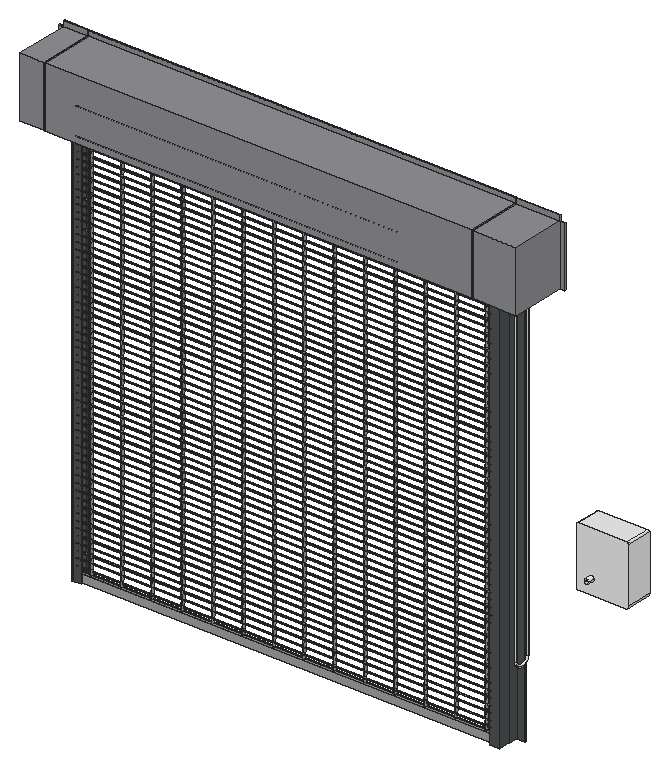
Revit family "RapidGrille-AP-Security-Grille_OHD_Model-676_compact", category Specialty Equipment, host Wall, Revit 2023
Family settings
  Host = Wall
  Round Connector Dimension = Use Diameter
  Part Type = Normal
  OmniClass Number = 23.30.10.21.34
  OmniClass Title = Industrial Doors
  Enable Cutting in Views = No
  Always vertical = Yes
  Cut with Voids When Loaded = Yes
  Maintain Annotation Orientation = No
  Shared = No
  Room Calculation Point = No
Parameters (values of type "208 volts, one phase, 60 Hz (208-240V range)")
  Warning Sign [instance] = if(Calculated Area > 683.00 SF, 1 = 1, 1 = 2)  # no
  Warning (Note) [instance] = if(Warning Sign, "The Door Area is out of the limit; please adjust accordingly. The maximum allowed area is 683 sq. ft.", if(Opening Height > 360", "Headroom Clearance Dimensions - out of the limits. Consult Factory", " "))  # " "
  Wall Thickness [instance] = 6"
  Voltage = 208 V
  Version = "1.00.01"  # constant formula
  True Opening Width [instance] = Clear Width  # 120"
  True Opening Height [instance] = Clear Height  # 120"
  Default Elevation = 0"
  Date Updated = "2026/05/29"  # constant formula
  Curtain Option [instance] = 1
  Slat Length [instance] = Clear Width + G Value * 2 - 1" / 2 * 2  # 126"
  Slat Height [instance] = 8"  # constant formula
  Curtain Option Real [instance] = if(Curtain Option < 2, 1, 2)  # 1
  Product Page URL = "https://www.overheaddoor.com/security-grilles-advanced-676"
  Power Factor = 1
  Powder Coat (Note) = "PowderGuard® Premium powder coat finish options are available in approximately 200 colors as well as custom matching to specification. PowderGuard® Textured finish, a thicker, more scratch resistant coat, is available in 11 colors providing enhanced scratch resistance as well as aiding in hiding the dirt and blemishes that often occur in commercial environments.​"  # constant formula
  Opening Width Real [instance] = if(Opening Width > Max Opening Width, Max Opening Width, if(Opening Width < Min Opening Width, Min Opening Width, Opening Width))  # 120"
  Opening Width [instance] = 120"
  Opening Height Real [instance] = if(Opening Height > Max Opening Height, Max Opening Height, if(Opening Height < Min Opening Height, Min Opening Height, Opening Height))  # 120"
  Opening Height [instance] = 120"
  One Array element [instance] = not(Array Vis)  # no
  Number of Poles = 1
  Motor Position [instance] = M Value - G Value  # 2 3/4"
  Min Opening Width [instance] = 18"  # constant formula
  Min Opening Height [instance] = 24"  # constant formula
  Max Opening Width [instance] = 360"  # constant formula
  Max Opening Height [instance] = 172"  # constant formula
  M Value [instance] = if(or(Opening Width < 108", Opening Width = 108"), 5 3/4", if(or(Opening Width < 180", Opening Width = 180"), 6 1/4", if(or(Opening Width < 240", Opening Width = 240"), 7 1/4", 9 1/4")))  # 6 1/4"
  Installation Real [instance] = Wall Thickness  # 6"
  Hood Type [instance] = "Square Hood"  # constant formula
  Hood Offset [instance] = 4"  # constant formula
  Hood Material [instance] = Metal - Overhead Door - Gray
  Hood Height [instance] = A Value + 2"  # 18"
  Headroom Height Real [instance] = Hood Offset + Hood Height  # 22"
  Headroom Height [instance] = Headroom Height Real + 1 1/2"  # 23 1/2"
  Guide Type [instance] = "Angled Z Guide"  # constant formula
  Guid Depth [instance] = D Value  # 6 1/4"
  G Value [instance] = if(or(Opening Width < 108", Opening Width = 108"), 3", if(or(Opening Width < 180", Opening Width = 180"), 3 1/2", if(or(Opening Width < 240", Opening Width = 240"), 4", 5 9/16")))  # 3 1/2"
  Frequency = 60 Hz
  Face of Wall Offset [instance] = 5"  # constant formula
  Door Width True [instance] = Clear Width + M Value * 2  # 132 1/2"
  Door Width (Real) [instance] = Clear Width + 1"  # 121"
  Door Height True [instance] = Clear Width + Headroom Height  # 143 1/2"
  Door Height (Real) [instance] = Clear Height + Hood Offset  # 124"
  URL = "https://www.overheaddoor.com/"
  Product data url = "https://www.bimobject.com/overhead-door/product/security-grilles-advanced-676"
  Product Guid = "a33dfc4d-fc3d-42de-912b-54ce0f982c7d"
  Model = "676"  # constant formula
  Manufacturer = "Overhead Door Corporation"  # constant formula
  Wall Closure = By host
  Floor To (CL) of Shaft [instance] = Clear Height + Hood Height / 2 + Hood Offset  # 133"
  Finish Material = Finish - Overhead Door - Black
  Description = "RapidGrille AP Model 676 Upward-Coiling Security Grille"  # constant formula
  D Value [instance] = if(or(Opening Width < 108", Opening Width = 108"), 5 11/16", if(or(Opening Width < 180", Opening Width = 180"), 6 1/4", if(or(Opening Width < 240", Opening Width = 240"), 6 3/16", 7 1/16")))  # 6 1/4"
  Curtain Type [instance] = if(Curtain Option < 2, "Lattice", "Brick")  # "Lattice"
  Curtain Material Type [instance] = 676 : Aluminum
  Curtain Material 1 [instance] = 676 : Aluminum
  Clear Width [instance] = Opening Width Real  # 120"
  Clear Height [instance] = Opening Height Real  # 120"
  Current = 20 A
  Bottom Bar Selection [instance] = if(Curtain Material Type = Curtain Material 1, 1, 2)  # 1
  BimObject_Variable_Connectors = "No"  # constant formula
  Backroom Depth [instance] = A Value + 1/2"  # 16 1/2"
  BJ Displacement Real [instance] = 0"  # constant formula
  Array Vis [instance] = if(Array < 2, 1 = 2, 1 = 1)  # yes
  Array Real [instance] = if(Array < 2, 2, Array)  # 16
  Array Length [instance] = (Array) * Slat Height  # 128"
  Array [instance] = rounddown(([Door Height (Real)] - 3") / Slat Height) + 1  # 16
  Calculated Area [instance] = [Door Width (Real)] * [Door Height (Real)]  # 104.194 SF
  Apparent Load Phase 3 = if(Number of Poles = 1, 0 VA, (Voltage * Current * sqrt(3)) / 3)  # 0 VA
  Apparent Load Phase 2 = if(Number of Poles = 1, 0 VA, (Voltage * Current * sqrt(3)) / 3)  # 0 VA
  Apparent Load Phase 1 = if(Number of Poles = 1, Voltage * Current, (Voltage * Current * sqrt(3)) / 3)  # 4160 VA
  A Value [instance] = if(or(Clear Height < 72", Clear Height = 72"), 14", if(or(Clear Height < 120", Clear Height = 120"), 16", 18"))  # 16"
Types (6): name | Voltage | Number of Poles | Apparent Load Phase 3 | Apparent Load Phase 2 | Apparent Load Phase 1
  208 volts, one phase, 60 Hz (208-240V range) | 208 V | 1 | 0 VA | 0 VA | 4160 VA
  220 volts, one phase, 60 Hz (220-240V range) | 220 V | 1 | 0 VA | 0 VA | 4400 VA
  208 volts, three phase, 60 Hz (208-240V range) | 208 V | 3 | 2401.78 VA | 2401.78 VA | 2401.78 VA
  230 volts, three phase, 60 Hz (220-240V range) | 230 V | 3 | 2655.81 VA | 2655.81 VA | 2655.81 VA
  460 volts, three phase, 60 Hz (440-480 V range) | 460 V | 3 | 5311.62 VA | 5311.62 VA | 5311.62 VA
  575 volts, three phase, 60 Hz | 575 V | 3 | 6639.53 VA | 6639.53 VA | 6639.53 VA
Reference planes (in)
  plane 1 "Center (Front/Back)": y = -14.625
  plane 2 "Center (Left/Right)": x = 0
  plane 3 "Left": x = -60
  plane 4 "Right": x = 60
  plane 5 "Exterior": y = -8.625
  plane 6 "Interior": y = -14.625
  plane 7: x = 66.25
  plane 8: x = -66.25
  plane 9: z = 120
  plane 10 "Main": y = -20.125
  plane 11 "Backroom Depth": y = -32.125
  plane 12 "Main Door Block": y = -15.625
  plane 13 "Bottom Bar": z = 2.75
  plane 14: y = -20.875
  plane 15: z = 130.75
  plane 16: z = 142
  plane 17: z = 124
  plane 18: z = 143.5
  plane 19: z = 0
  plane 20: z = 60
  plane 21: y = -20.03125
  plane 22: y = 18.375
  plane 23: y = -41.625
  plane 24 "Headroom Top": z = 143.5
  plane 25: z = 133
  plane 26: x = 63.5
  plane 27: x = -63.5
  plane 28: z = 122.75
  plane 29: z = 2.75
  plane 30: y = -20.125
  plane 31: z = 122.75
  plane 32: y = -20.125
  plane 33: z = 10.75
  plane 34: y = -20.125
  plane 35: z = 18.75
  plane 36: y = -20.125
  plane 37: z = 26.75
  plane 38: y = -20.125
  plane 39: z = 34.75
  plane 40: y = -20.125
  plane 41: z = 42.75
  plane 42: y = -20.125
  plane 43: z = 50.75
  plane 44: y = -20.125
  plane 45: z = 58.75
  plane 46: y = -20.125
  plane 47: z = 66.75
  plane 48: y = -20.125
  plane 49: z = 74.75
  plane 50: y = -20.125
  plane 51: z = 82.75
  plane 52: y = -20.125
  plane 53: z = 90.75
  plane 54: y = -20.125
  plane 55: z = 98.75
  plane 56: y = -20.125
  plane 57: z = 106.75
  plane 58: y = -20.125
  plane 59: z = 114.75
  plane 60: y = -20.125
Forms (in)
  Extrusion 1, void
    sketch origin (0, -15.625, 0) x (0, 0, -1) y (-1, 0, 0)
      loop
        line (-120, 60) -> (-120, -60) -> (0, -60) -> (0, 60) -> (-120, 60)
    from 1 to 7
Text (in)
  text "Exterior" at (-74.96733, 27.31104, 0), in view "Ref. Level"
  text "Interior" at (-74.96733, -25.14366, 0), in view "Ref. Level"
  text "Exterior" at (0, 40.15149, 123.01588), in view "Right"
  text "Interior" at (0, -64.39139, 123.01588), in view "Right"
  text "Interior" at (0, -31.01599, 123.00693), in view "Left"
  text "Exterior" at (0, 54.57065, 123.00693), in view "Left"
Dimensions and locks (in)
  equal spacing: plane 3 "Left", plane 2 "Center (Left/Right)", plane 4 "Right"
  "Clear Width": plane 3 "Left" to plane 4 "Right"
  level to host wall = 459.59655"
  "Clear Height": level to plane 9
  plane 7 to plane 8 = 132 1/2"
  equal spacing: plane 7, plane 2 "Center (Left/Right)", plane 8
  locked: plane 13 "Bottom Bar" to level at 2.75
  "Door Width True": plane 7 to plane 8
  "Array Length": plane 15 to plane 13 "Bottom Bar"
  "Backroom Depth": plane 11 "Backroom Depth" to plane 12 "Main Door Block"
  "Hood Height": plane 16 to plane 17
  locked: plane 18 to plane 16 at 1.5
  "Installation Real": plane 1 "Center (Front/Back)" to plane 5 "Exterior"
  "Wall Thickness": host wall to host wall
  equal spacing: plane 9, plane 20, plane 19
  equal spacing: plane 22, host wall, plane 23
  locked: plane 22 to plane 23 at 60
  "Hood Offset": plane 17 to plane 9
  "Headroom Height": plane 24 "Headroom Top" to plane 9
  "Floor To (CL) of Shaft": plane 25 to level
  "Motor Position": plane 7 to plane 26
  "Motor Position": plane 27 to plane 8
  "Guid Depth": plane 14 to plane 1 "Center (Front/Back)"
  "Slat Height": plane 15 to plane 28
  equal spacing: group 2, group 16, group 15, group 14, group 13, group 12, group 11, group 10, group 9, group 8, group 7, group 6, group 5, group 4, group 3, group 1  (x2)
  equal spacing: group 1, group 3, group 4, group 5, group 6, group 7, group 8, group 9, group 10, group 11, group 12, group 13, group 14, group 15, group 16, group 2
  locked: plane 14 to plane 10 "Main" at 0.75
  locked: plane 14 to plane 21 at 0.84375
  aligned and locked: plane 5 "Exterior" to host wall
  aligned and locked: host wall to plane 6 "Interior"
  aligned and locked: level to Extrusion 1 sketch curve
  aligned and locked: Extrusion 1 to plane 5 "Exterior"
  aligned and locked: plane 6 "Interior" to Extrusion 1
  aligned and locked: nested 1 to plane 2 "Center (Left/Right)"
  aligned and locked: nested 1 to level
  aligned and locked: level to plane 19
  aligned and locked: nested 1 to plane 1 "Center (Front/Back)"
  aligned and locked: plane 2 "Center (Left/Right)" to nested 2
  aligned and locked: nested 2 to plane 22
  aligned and locked: plane 23 to nested 3
  aligned and locked: nested 3 to plane 2 "Center (Left/Right)"
  aligned and locked: nested 4 to plane 20
  aligned and locked: plane 2 "Center (Left/Right)" to nested 4
  aligned and locked: nested 4 to plane 21
  aligned and locked: plane 4 "Right" to Extrusion 1 sketch curve
  aligned and locked: plane 3 "Left" to Extrusion 1 sketch curve
  aligned and locked: Extrusion 1 sketch curve to plane 9
  aligned and locked: plane 13 "Bottom Bar" to plane 29
  aligned and locked: plane 30 to plane 10 "Main"
  aligned and locked: plane 32 to plane 10 "Main"
  aligned and locked: plane 28 to plane 31
Nested families (in)
  nested 1: "Lifts" at (0, -14.625, 0), type "Frame Unit"
    with Square Hood yes, Round Hood no, Right Motor Position yes, Octagon Hood no, No Hood no
  nested 2: "Label Annotation 1" at (0, 18.375, 0), visible <- "Warning Sign", type "Label Annotation 1"
  nested 3: "Label Annotation 1" at (0, -41.625, 0) x (-1, 0, 0) z (0, 0, 1), visible <- "Warning Sign", type "Label Annotation 1"
  nested 4: "Warning Sign" at (0, -20.03125, 60), visible <- "Warning Sign", type "Warning Sign"
    with Warning Sign no
  nested 5: "676" at (0, -20.125, 2.75), type <- "Curtain Material Type", Opening Width <- "Slat Length", Slat Option <- "Curtain Option Real", type "Aluminum"
    with Step H 9", Slat Option 1, SetBack 2", Second Rod Position 1.38", Overall Height 8.38", Opening Width 126", Lattice yes, First Rod Position 1", Brick End yes, Brick no, Array Visibility yes, Array Real 13, Array Length 117.16", Array 13, 1 Element Visibility no
  nested 6: "676" at (0, -20.125, 122.75), type <- "Curtain Material Type", Opening Width <- "Slat Length", Slat Option <- "Curtain Option Real", type "Aluminum"
    with Step H 9", Slat Option 1, SetBack 2", Second Rod Position 1.38", Overall Height 8.38", Opening Width 126", Lattice yes, First Rod Position 1", Brick End yes, Brick no, Array Visibility yes, Array Real 13, Array Length 117.16", Array 13, 1 Element Visibility no
  nested 7: "676" at (0, -20.125, 10.75), type <- "Curtain Material Type", Opening Width <- "Slat Length", Slat Option <- "Curtain Option Real", type "Aluminum"
    with Step H 9", Slat Option 1, SetBack 2", Second Rod Position 1.38", Overall Height 8.38", Opening Width 126", Lattice yes, First Rod Position 1", Brick End yes, Brick no, Array Visibility yes, Array Real 13, Array Length 117.16", Array 13, 1 Element Visibility no
  nested 8: "676" at (0, -20.125, 18.75), type <- "Curtain Material Type", Opening Width <- "Slat Length", Slat Option <- "Curtain Option Real", type "Aluminum"
    with Step H 9", Slat Option 1, SetBack 2", Second Rod Position 1.38", Overall Height 8.38", Opening Width 126", Lattice yes, First Rod Position 1", Brick End yes, Brick no, Array Visibility yes, Array Real 13, Array Length 117.16", Array 13, 1 Element Visibility no
  nested 9: "676" at (0, -20.125, 26.75), type <- "Curtain Material Type", Opening Width <- "Slat Length", Slat Option <- "Curtain Option Real", type "Aluminum"
    with Step H 9", Slat Option 1, SetBack 2", Second Rod Position 1.38", Overall Height 8.38", Opening Width 126", Lattice yes, First Rod Position 1", Brick End yes, Brick no, Array Visibility yes, Array Real 13, Array Length 117.16", Array 13, 1 Element Visibility no
  nested 10: "676" at (0, -20.125, 34.75), type <- "Curtain Material Type", Opening Width <- "Slat Length", Slat Option <- "Curtain Option Real", type "Aluminum"
    with Step H 9", Slat Option 1, SetBack 2", Second Rod Position 1.38", Overall Height 8.38", Opening Width 126", Lattice yes, First Rod Position 1", Brick End yes, Brick no, Array Visibility yes, Array Real 13, Array Length 117.16", Array 13, 1 Element Visibility no
  nested 11: "676" at (0, -20.125, 42.75), type <- "Curtain Material Type", Opening Width <- "Slat Length", Slat Option <- "Curtain Option Real", type "Aluminum"
    with Step H 9", Slat Option 1, SetBack 2", Second Rod Position 1.38", Overall Height 8.38", Opening Width 126", Lattice yes, First Rod Position 1", Brick End yes, Brick no, Array Visibility yes, Array Real 13, Array Length 117.16", Array 13, 1 Element Visibility no
  nested 12: "676" at (0, -20.125, 50.75), type <- "Curtain Material Type", Opening Width <- "Slat Length", Slat Option <- "Curtain Option Real", type "Aluminum"
    with Step H 9", Slat Option 1, SetBack 2", Second Rod Position 1.38", Overall Height 8.38", Opening Width 126", Lattice yes, First Rod Position 1", Brick End yes, Brick no, Array Visibility yes, Array Real 13, Array Length 117.16", Array 13, 1 Element Visibility no
  nested 13: "676" at (0, -20.125, 58.75), type <- "Curtain Material Type", Opening Width <- "Slat Length", Slat Option <- "Curtain Option Real", type "Aluminum"
    with Step H 9", Slat Option 1, SetBack 2", Second Rod Position 1.38", Overall Height 8.38", Opening Width 126", Lattice yes, First Rod Position 1", Brick End yes, Brick no, Array Visibility yes, Array Real 13, Array Length 117.16", Array 13, 1 Element Visibility no
  nested 14: "676" at (0, -20.125, 66.75), type <- "Curtain Material Type", Opening Width <- "Slat Length", Slat Option <- "Curtain Option Real", type "Aluminum"
    with Step H 9", Slat Option 1, SetBack 2", Second Rod Position 1.38", Overall Height 8.38", Opening Width 126", Lattice yes, First Rod Position 1", Brick End yes, Brick no, Array Visibility yes, Array Real 13, Array Length 117.16", Array 13, 1 Element Visibility no
  nested 15: "676" at (0, -20.125, 74.75), type <- "Curtain Material Type", Opening Width <- "Slat Length", Slat Option <- "Curtain Option Real", type "Aluminum"
    with Step H 9", Slat Option 1, SetBack 2", Second Rod Position 1.38", Overall Height 8.38", Opening Width 126", Lattice yes, First Rod Position 1", Brick End yes, Brick no, Array Visibility yes, Array Real 13, Array Length 117.16", Array 13, 1 Element Visibility no
  nested 16: "676" at (0, -20.125, 82.75), type <- "Curtain Material Type", Opening Width <- "Slat Length", Slat Option <- "Curtain Option Real", type "Aluminum"
    with Step H 9", Slat Option 1, SetBack 2", Second Rod Position 1.38", Overall Height 8.38", Opening Width 126", Lattice yes, First Rod Position 1", Brick End yes, Brick no, Array Visibility yes, Array Real 13, Array Length 117.16", Array 13, 1 Element Visibility no
  nested 17: "676" at (0, -20.125, 90.75), type <- "Curtain Material Type", Opening Width <- "Slat Length", Slat Option <- "Curtain Option Real", type "Aluminum"
    with Step H 9", Slat Option 1, SetBack 2", Second Rod Position 1.38", Overall Height 8.38", Opening Width 126", Lattice yes, First Rod Position 1", Brick End yes, Brick no, Array Visibility yes, Array Real 13, Array Length 117.16", Array 13, 1 Element Visibility no
  nested 18: "676" at (0, -20.125, 98.75), type <- "Curtain Material Type", Opening Width <- "Slat Length", Slat Option <- "Curtain Option Real", type "Aluminum"
    with Step H 9", Slat Option 1, SetBack 2", Second Rod Position 1.38", Overall Height 8.38", Opening Width 126", Lattice yes, First Rod Position 1", Brick End yes, Brick no, Array Visibility yes, Array Real 13, Array Length 117.16", Array 13, 1 Element Visibility no
  nested 19: "676" at (0, -20.125, 106.75), type <- "Curtain Material Type", Opening Width <- "Slat Length", Slat Option <- "Curtain Option Real", type "Aluminum"
    with Step H 9", Slat Option 1, SetBack 2", Second Rod Position 1.38", Overall Height 8.38", Opening Width 126", Lattice yes, First Rod Position 1", Brick End yes, Brick no, Array Visibility yes, Array Real 13, Array Length 117.16", Array 13, 1 Element Visibility no
  nested 20: "676" at (0, -20.125, 114.75), type <- "Curtain Material Type", Opening Width <- "Slat Length", Slat Option <- "Curtain Option Real", type "Aluminum"
    with Step H 9", Slat Option 1, SetBack 2", Second Rod Position 1.38", Overall Height 8.38", Opening Width 126", Lattice yes, First Rod Position 1", Brick End yes, Brick no, Array Visibility yes, Array Real 13, Array Length 117.16", Array 13, 1 Element Visibility no
Connectors (in)
  electrical at (94.92963, -22.165, 60.07037), driven by "Voltage", driven by "Apparent Load Phase 1", driven by "Apparent Load Phase 2", driven by "Apparent Load Phase 3", driven by "Power Factor", driven by "Number of Poles"
    settings: on nested 1, index 1, voltage 208 V, apparent load 0 VA, apparent load phase1 4160 VA, apparent load phase2 0 VA, apparent load phase3 0 VA, power factor 1, load classification "Other", number of poles 1, system type 31, power factor state 1, is connector primary yes, connector utility no, sub classification motor no, connector description "Electrical Connector"
Definition of nested family "Lifts"
  Parameters (values of type "Frame Unit")
    True Width = if(Between Jambs, Opening Width, Opening Width + 1/2")  # 120 1/2"
    Square Hood [instance] = if(Hood Option = 2, 1 = 1, 1 = 2)  # yes
    Slat Material2 = none
    Slat Material1 = none
    Slat 2 = not(Slat 1)  # no
    Slat 1 = BB V = 1  # yes
    Round Hood [instance] = if(Hood Option > 3, 1 = 1, 1 = 2)  # no
    Rough Width = 0"
    Rough Height = 0"
    Right Motor Position [instance] = yes
    Octagon Hood [instance] = if(Hood Option = 3, 1 = 1, 1 = 2)  # no
    No Hood [instance] = if(Hood Option < 2, 1 = 1, 1 = 2)  # no
    M Value = 6 1/4"
    Hood Type = if(Hood Option < 2, "No Hood", if(Hood Option = 2, "Square Hood", if(Hood Option = 3, "Octagon Hood", "Round Hood")))  # "Square Hood"
    Hood Option = 2
    Hood Offset = 4"
    Hood Height = Headroom Height Real - Hood Offset  # 18"
    Headroom Height Real = Headroom Height  # 22"
    Half Hood Height = Headroom Height - Hood Offset  # 18"
    G Value = 3 1/2"
    E Guide Width = if(Between Jambs, Guide Offset - G Value + BJ Connection Length - BJ Displacement * 2 / 3, 3")  # 3"
    E Guide Height = 3"  # constant formula
    Z Guide = 1 = 1  # yes
    Shaft Offset = if(Hood Height < Header Width, (Header Width - (Header Width - Hood Height)) / 2, Header Width / 2)  # 8 1/4"
    Shaft Length 2 = 18"  # constant formula
    Shaft Length 1 = 12"  # constant formula
    Setback = if(Between Jambs, 0", 1/2")  # 1/2"
    Opening Width = 120"
    Hood Material = none
    Headroom Height = 22"
    Header Width = 16 1/2"
    Opening Height = 120"
    Guide Type = if(Between Jambs, "Angled Between Jambs Z Guide", if(Guide Option > 1, "Angled Z Guide", "Angled E Guide"))  # "Angled Z Guide"
    Guide Option = if(Between Jambs, 1, 2)  # 2
    Guide Offset = BJ Displacement + G Value  # 3 1/2"
    Guide Z Wide = if(Between Jambs, Guide Offset - G Value + BJ Connection Length - BJ Displacement * 2 / 3, M Value - G Value)  # 2 3/4"
    Guide Z Height = 3"  # constant formula
    Floor To (CL) of Shaft = 133"
    Finish Material = none
    Face to Wall Mount = not(Between Jambs)  # yes
    E Guide = if(Between Jambs, 1 = 1, 1 = 2)  # no
    Default Elevation = 0"
    D Value = 6 1/4"
    Chain offset = if(Opening Height < 35", Opening Height - 5", 30")  # 30"
    Between Jambs = no
    BJ Position = if(Between Jambs, 1/4", 0")  # 0"
    BJ Displacement = 0"
    BJ Connection Length = 1 / 3 * BJ Displacement  # 0"
    BB V = 1
    Angled Guide = 1 = 1  # yes
    Aditional Elements Material = none
    1 = 15 1/2"  # constant formula
  Reference planes (in)
    plane 1 "Center (Front/Back)": y = 0
    plane 2: z = 0
    plane 3 "Center (Left/Right)": x = 0
    plane 4 "Opening Height": z = 120
    plane 5: x = -72
    plane 6: x = 78
    plane 7: z = 142
    plane 8: y = 16.5
    plane 9 "Real Opening 2": x = -60
    plane 10 "Real Opening 1": x = 60
    plane 11: z = 124
    plane 12 "Main": y = 0
    plane 13: z = 133
    plane 14: x = 63.5
    plane 15: x = -63.5
    plane 16: x = -63.5
    plane 17: x = 63.5
    plane 18: y = 6.25
    plane 19: x = -63.25
    plane 20: x = 63.25
    plane 21: z = 143.5
    plane 22: y = 6.25
    plane 23: y = 5.125
    plane 24: y = 6.25
    plane 25: y = 5.125
    plane 26: y = 0.25
    plane 27: z = 124
    plane 28: z = 30
    plane 29: z = 0
    plane 30: x = 74
    plane 31: x = 95
    plane 32: z = 60
    plane 33: y = 7.54
    plane 34: x = 76.25
    plane 35: x = -70.25
    plane 36: y = 6.25
    plane 37: y = 5.125
    plane 38: y = 6.25
    plane 39: y = 5.125
  Forms (in)
    Extrusion 1, solid, material <- "Slat Material1", visible <- "Slat 1"
      sketch origin (0, 0, 0) x (0, 1, 0) y (0, 0, 1)
        loop
          line (5.4375, 2.375) -> (5.4375, 2.75) -> (4.8125, 2.75) -> (4.8125, 2.375) -> (5.4375, 2.375)
      from -63.25 to 63.25
    Extrusion 2, solid, material <- "Slat Material1", visible <- "Slat 1"
      sketch origin (0, 0, 0) x (0, 1, 0) y (0, 0, 1)
        loop
          line (5.4375, 2.375) -> (4.8125, 2.375) -> (4.8125, 0) -> (5.4375, 0) -> (5.4375, 2.375)
      from -63.25 to 63.25
    Extrusion 3, solid, material <- "Aditional Elements Material"
      sketch origin (0, -5.35201, 0) x (0, 1, 0) y (0, 0, 1)
        loop
          circle (13.60201, 133) r 0.6
      from -70.25 to 76.25
    Extrusion 4, solid, material <- "Hood Material", visible <- "Square Hood"
      sketch origin (0, 0, 0) x (0, 1, 0) y (0, 0, 1)
        loop
          line (0, 124) -> (16.5, 124) -> (16.5, 143.5) -> (0, 143.5) -> (0, 124)
      from -63.25 to 63.25
    Extrusion 5, solid, material <- "Finish Material", visible <- "E Guide"
      sketch origin (0, 0, 0) x (1, 0, 0) y (0, 1, 0)
        loop
          line (60.5, 0) -> (63.5, 0) -> (63.5, 3) -> (63.4375, 3)
          arc (63.4375, 3) -> (63.30492, 2.94508) -> (63.25, 2.8125) r 0.1875
          line (63.25, 2.8125) -> (63.25, 0.25) -> (60.6875, 0.25)
          arc (60.6875, 0.25) -> (60.55492, 0.19508) -> (60.5, 0.0625) r 0.1875
          line (60.5, 0.0625) -> (60.5, 0)
        loop
          line (-60.5, 0) -> (-60.5, 0.0625)
          arc (-60.5, 0.0625) -> (-60.55492, 0.19508) -> (-60.6875, 0.25) r 0.1875
          line (-60.6875, 0.25) -> (-63.25, 0.25) -> (-63.25, 2.8125)
          arc (-63.25, 2.8125) -> (-63.30492, 2.94508) -> (-63.4375, 3) r 0.1875
          line (-63.4375, 3) -> (-63.5, 3) -> (-63.5, 0) -> (-60.5, 0)
      from 0 to 124
    Extrusion 6, solid, material <- "Finish Material", visible <- "Z Guide"
      sketch origin (0, 0, 0) x (1, 0, 0) y (0, 1, 0)
        loop
          line (66.25, 0) -> (66.25, 0.062)
          arc (66.25, 0.062) -> (66.19494, 0.19494) -> (66.062, 0.25) r 0.188
          line (66.062, 0.25) -> (63.75, 0.25) -> (63.75, 2.812)
          arc (63.75, 2.812) -> (63.69494, 2.94494) -> (63.562, 3) r 0.188
          line (63.562, 3) -> (63.5, 3) -> (63.5, 0) -> (66.25, 0)
        loop
          line (-66.25, 0) -> (-63.5, 0) -> (-63.5, 3) -> (-63.562, 3)
          arc (-63.562, 3) -> (-63.69494, 2.94494) -> (-63.75, 2.812) r 0.188
          line (-63.75, 2.812) -> (-63.75, 0.25) -> (-66.062, 0.25)
          arc (-66.062, 0.25) -> (-66.19494, 0.19494) -> (-66.25, 0.062) r 0.188
          line (-66.25, 0.062) -> (-66.25, 0)
      from 0 to 124
    Extrusion 7, solid, material <- "Finish Material", visible <- "Angled Guide"
      sketch origin (0, 0, 0) x (1, 0, 0) y (0, 1, 0)
        loop
          line (60.5, 6.25) -> (60.5, 6.187)
          arc (60.5, 6.187) -> (60.55477, 6.05477) -> (60.687, 6) r 0.187
          line (60.687, 6) -> (63.25, 6) -> (63.25, 4.25) -> (60.5, 4.25) -> (60.5, 4.187)
          arc (60.5, 4.187) -> (60.55477, 4.05477) -> (60.687, 4) r 0.187
          line (60.687, 4) -> (63, 4) -> (63, 2.3125) -> (63.25, 2.3125) -> (63.25, 2) -> (63.5, 2) -> (63.5, 6.25) -> (60.5, 6.25)
        loop
          line (-60.5, 6.25) -> (-63.5, 6.25) -> (-63.5, 2) -> (-63.25, 2) -> (-63.25, 2.3125) -> (-63, 2.3125) -> (-63, 4) -> (-60.687, 4)
          arc (-60.687, 4) -> (-60.55477, 4.05477) -> (-60.5, 4.187) r 0.187
          line (-60.5, 4.187) -> (-60.5, 4.25) -> (-63.25, 4.25) -> (-63.25, 6) -> (-60.687, 6)
          arc (-60.687, 6) -> (-60.55477, 6.05477) -> (-60.5, 6.187) r 0.187
          line (-60.5, 6.187) -> (-60.5, 6.25)
      from 0 to 124
    Extrusion 8, solid, material <- "Hood Material"
      sketch origin (0, 0, 0) x (-1, 0, 0) y (0, 0, 1)
        loop
          line (63.25, 124) -> (63.5, 124) -> (63.5, 142) -> (63.25, 142) -> (63.25, 124)
        loop
          line (-63.5, 124) -> (-63.25, 124) -> (-63.25, 142) -> (-63.5, 142) -> (-63.5, 124)
      from 0 to 16.5
    Extrusion 9, solid, material <- "Hood Material"
      sketch origin (0, 0, 0) x (1, 0, 0) y (0, 1, 0)
        loop
          line (-72, 0) -> (-63.5, 0) -> (-63.5, 16.5) -> (-72, 16.5) -> (-72, 0)
        loop
          line (78, 0) -> (78, 16.5) -> (63.5, 16.5) -> (63.5, 0) -> (78, 0)
      from 124 to 143.5
    Extrusion 10, void
      sketch origin (0, 0, 0) x (1, 0, 0) y (0, 0, 1)
        loop
          line (-72, 143.5) -> (-72, 124) -> (-70.5, 124) -> (-70.5, 142) -> (76.5, 142) -> (76.5, 120) -> (78, 120) -> (78, 143.5) -> (-72, 143.5)
      from -0.25 to -16.5
    Extrusion 11, void
      sketch origin (0, 0, 0) x (1, 0, 0) y (0, 0, 1)
        loop
          line (-72, 142) -> (-70.5, 142) -> (-70.5, 143.5) -> (-72, 143.5) -> (-72, 142)
        loop
          line (78, 142) -> (78, 143.5) -> (76.5, 143.5) -> (76.5, 142) -> (78, 142)
      from 0 to -0.25
    Sweep 12, solid, material <- "Aditional Elements Material"
      path origin (74, -12.75, 1000) x (0, -1, 0) y (0, 0, 1)
        loop
          line (-26.53866, -876) -> (-26.53866, -970)
          arc (-26.53866, -970) -> (-24.10116, -972.4375) -> (-21.66366, -970) r 2.4375
          line (-21.66366, -970) -> (-21.66366, -876)
      profile origin (74, 13.78866, 77) x (-1, 0, 0) y (0, -1, 0)
        loop
          circle (0, 0.2675) r 0.2675
    Extrusion 13, solid, material <- "Aditional Elements Material"
      sketch origin (95, 0, 60) x (1, 0, 0) y (0, 0, 1)
        loop
          line (7.25, 8.90625) -> (-7.25, 8.90625)
          arc (-7.25, 8.90625) -> (-7.60355, 8.7598) -> (-7.75, 8.40625) r 0.5
          line (-7.75, 8.40625) -> (-7.75, -8.40625)
          arc (-7.75, -8.40625) -> (-7.60355, -8.7598) -> (-7.25, -8.90625) r 0.5
          line (-7.25, -8.90625) -> (6.68702, -8.90625)
          arc (6.68702, -8.90625) -> (7.43866, -8.59491) -> (7.75, -7.84327) r 1.06298
          line (7.75, -7.84327) -> (7.75, 8.40625)
          arc (7.75, 8.40625) -> (7.60355, 8.7598) -> (7.25, 8.90625) r 0.5
      from 0 to -7.54
    Revolve 14, solid, material <- "Aditional Elements Material", visible <- "Right Motor Position"
      sketch origin (95, 0, 55.5) x (0, -1, 0) y (1, 0, 0)
        loop
          line (-7.54, -3.41542) -> (-7.54, -2.66542) -> (-9.312, -2.81542) -> (-9.312, -3.41542) -> (-7.54, -3.41542)
        axis (-7.54, -3.41542) -> (-9.312, -3.41542)
      angle from 0 to 360
    Extrusion 15, solid, material <- "Slat Material2", visible <- "Slat 2"
      sketch origin (0, 6.25, 0) x (0, 1, 0) y (0, 0, 1)
        loop
          line (-0.8125, 2.375) -> (-0.8125, 2.75) -> (-1.4375, 2.75) -> (-1.4375, 2.375) -> (-0.8125, 2.375)
      from -63.25 to 63.25
    Extrusion 16, solid, material <- "Slat Material2", visible <- "Slat 2"
      sketch origin (0, 6.25, 0) x (0, 1, 0) y (0, 0, 1)
        loop
          line (-0.8125, 2.375) -> (-1.4375, 2.375) -> (-1.4375, 0) -> (-0.8125, 0) -> (-0.8125, 2.375)
      from -63.25 to 63.25
  Cuts and joins
    Extrusion 10, Extrusion 11 cuts Extrusion 9
    Extrusion 10 cuts Extrusion 4
  Lines and regions (in)
    Masking region 1
      outline origin (0, 0, 0) x (1, 0, 0) y (0, 1, 0)
        loop
          line (-63.5, 16.5) -> (-63.5, 0) -> (63.5, 0) -> (63.5, 16.5) -> (-63.5, 16.5)
    Masking region 2
      outline origin (0, 0, 0) x (1, 0, 0) y (0, 1, 0)
        loop
          line (63.5, 0) -> (78, 0) -> (78, 0.25) -> (76.5, 0.25) -> (76.5, 16.5) -> (63.5, 16.5) -> (63.5, 0)
        loop
          line (-63.5, 0) -> (-63.5, 16.5) -> (-70.5, 16.5) -> (-70.5, 0.25) -> (-72, 0.25) -> (-72, 0) -> (-63.5, 0)
    Masking region 3
      outline origin (0, 0, 0) x (1, 0, 0) y (0, 1, 0)
        loop
          line (87.25, 7.54) -> (87.25, 0) -> (102.75, 0) -> (102.75, 7.54) -> (87.25, 7.54)
    Masking region 4
      outline origin (91.64, 2.54, 60) x (0, -1, 0) y (1, 0, 0)
        loop
          line (-6.772, 0.54458) -> (-6.772, -0.65542) -> (-5, -0.80542) -> (-5, 0.69458) -> (-6.772, 0.54458)
    symbolic lines
      curve 1: line (-63.25, 0, 0) -> (-63.25, 16.5, 0)
      curve 2: line (63.25, 16.5, 0) -> (63.25, 0, 0)
      curve 4: line (-72, 0.25, 0) -> (78, 0.25, 0)
    symbolic lines, visible <- "Octagon Hood"
      curve 3: line (-63.25, 12.69239, 0) -> (63.25, 12.69239, 0)
    reference lines
      curve 5: line (95, 0, 60) -> (104, 0, 60)
      curve 6: line (95, 0, 55.5) -> (100.75, 0, 55.5)
  Dimensions and locks (in)
    Extrusion 1 sketch curve to level = 2 3/8"
    locked: Extrusion 1 sketch curve to Extrusion 1 sketch curve at 0.625
    locked: Extrusion 2 sketch curve to level at 2.375
    "Headroom Height Real": plane 7 to plane 4 "Opening Height"
    plane 8 to plane 1 "Center (Front/Back)" = 16 1/2"
    "Opening Height": plane 4 "Opening Height" to level
    "Hood Offset": plane 11 to plane 4 "Opening Height"
    "BJ Position": plane 12 "Main" to plane 1 "Center (Front/Back)"
    "Header Width": plane 12 "Main" to plane 8
    "Floor To (CL) of Shaft": plane 13 to level
    "Shaft Offset": Extrusion 3 sketch curve to plane 8
    locked: Extrusion 2 sketch curve to Extrusion 2 sketch curve at 0.625
    "Guide Offset": plane 10 "Real Opening 1" to plane 14
    "Guide Offset": plane 15 to plane 9 "Real Opening 2"
    locked: Extrusion 5 sketch curve to Extrusion 5 sketch curve at 0.25  (x4)
    "E Guide Height": Extrusion 5 sketch curve to Extrusion 5 sketch curve  (x2)
    "E Guide Width": Extrusion 5 sketch curve to Extrusion 5 sketch curve  (x2)
    locked: Extrusion 6 sketch curve to Extrusion 6 sketch curve at 0.25  (x4)
    "Guide Z Wide": Extrusion 6 sketch curve to Extrusion 6 sketch curve  (x2)
    "Guide Z Height": Extrusion 6 sketch curve to Extrusion 6 sketch curve  (x2)
    locked: Extrusion 7 sketch curve to Extrusion 7 sketch curve at 0.25  (x8)
    locked: Extrusion 7 sketch curve to Extrusion 7 sketch curve at 2.25  (x2)
    locked: Extrusion 7 sketch curve to Extrusion 7 sketch curve at 4.25  (x2)
    locked: Extrusion 7 sketch curve to Extrusion 7 sketch curve at 0.3125  (x2)
    "Setback": plane 10 "Real Opening 1" to Extrusion 7 sketch curve
    "Setback": Extrusion 7 sketch curve to plane 9 "Real Opening 2"
    equal spacing: plane 15, plane 3 "Center (Left/Right)", plane 14
    "G Value": Extrusion 6 sketch curve to plane 9 "Real Opening 2"
    "G Value": plane 10 "Real Opening 1" to Extrusion 6 sketch curve
    "G Value": plane 10 "Real Opening 1" to plane 17
    "G Value": plane 16 to plane 9 "Real Opening 2"
    "Shaft Length 1": plane 5 to plane 9 "Real Opening 2"
    "Shaft Length 2": plane 6 to plane 10 "Real Opening 1"
    locked: Extrusion 2 to plane 17 at 0.25
    locked: Extrusion 2 to plane 16 at 0.25
    locked: plane 16 to plane 19 at 0.25
    locked: plane 20 to plane 17 at 0.25
    equal spacing: plane 9 "Real Opening 2", plane 3 "Center (Left/Right)", plane 10 "Real Opening 1"
    "Opening Width": plane 9 "Real Opening 2" to plane 10 "Real Opening 1"
    locked: plane 21 to plane 7 at 1.5
    "D Value": plane 1 "Center (Front/Back)" to plane 18
    "D Value": plane 22 to plane 1 "Center (Front/Back)"
    locked: plane 22 to plane 23 at 1.125
    equal spacing: Extrusion 1 sketch curve, plane 23, Extrusion 1 sketch curve
    "D Value": plane 24 to plane 1 "Center (Front/Back)"
    locked: plane 24 to plane 25 at 1.125
    equal spacing: Extrusion 2 sketch curve, plane 25, Extrusion 2 sketch curve
    "G Value": plane 10 "Real Opening 1" to Extrusion 7 sketch curve
    "G Value": Extrusion 7 sketch curve to plane 9 "Real Opening 2"
    locked: Extrusion 10 sketch curve to Extrusion 10 sketch curve at 1.5  (x2)
    locked: plane 26 to plane 12 "Main" at 0.25
    locked: Extrusion 11 sketch curve to Extrusion 11 sketch curve at 1.5  (x2)
    "Chain offset": plane 28 to plane 29
    locked: plane 30 to plane 6 at 4
    locked: plane 20 to plane 31 at 31.75
    locked: plane 32 to level at 60
    locked: curve 5 to curve 5 at 9
    equal spacing: Masking region 3 sketch curve, plane 31, Masking region 3 sketch curve
    locked: Revolve 14 sketch curve to Revolve 14 sketch curve at 0.6
    locked: Revolve 14 sketch curve to Revolve 14 sketch curve at 0.75
    locked: plane 33 to Revolve 14 sketch curve at 1.772
    locked: Masking region 3 sketch curve to Masking region 3 sketch curve at 7.54
    locked: curve 5 to curve 6 at 4.5
    locked: curve 6 to curve 6 at 5.75
    locked: Masking region 3 sketch curve to plane 31 at 7.75
    locked: plane 34 to plane 6 at 1.75
    locked: plane 5 to plane 35 at 1.75
    locked: Extrusion 15 sketch curve to Extrusion 15 sketch curve at 0.625
    locked: Extrusion 16 sketch curve to Extrusion 16 sketch curve at 0.625
    locked: plane 36 to plane 37 at 1.125
    equal spacing: Extrusion 15 sketch curve, plane 37, Extrusion 15 sketch curve
    locked: plane 38 to plane 39 at 1.125
    equal spacing: Extrusion 16 sketch curve, plane 39, Extrusion 16 sketch curve
    locked: Extrusion 16 sketch curve to level at 2.375
    "D Value": plane 12 "Main" to plane 38
    locked: Extrusion 15 sketch curve to Extrusion 15 sketch curve at 0.375
    locked: Extrusion 15 sketch curve to level at 2.375
    "D Value": plane 12 "Main" to plane 36
    radius of Extrusion 5 sketch curve = 3/16"  (x4)
    radius of Extrusion 6 sketch curve = 0.188"  (x4)
    locked: Extrusion 7 sketch curve to Extrusion 7 sketch curve (radius 0.187")  (x4)
    aligned and locked: plane 2 to level
    aligned and locked: Extrusion 4 sketch curve to plane 8
    aligned and locked: plane 13 to Extrusion 3 sketch curve
    aligned and locked: plane 12 "Main" to Extrusion 5 sketch curve  (x2)
    aligned and locked: Extrusion 5 sketch curve to plane 14
    aligned and locked: plane 15 to Extrusion 5 sketch curve
    aligned and locked: Extrusion 6 sketch curve to plane 1 "Center (Front/Back)"  (x2)
    aligned and locked: Extrusion 7 sketch curve to Extrusion 7 sketch curve  (x4)
    aligned and locked: plane 18 to Extrusion 7 sketch curve
    aligned and locked: Extrusion 7 sketch curve to plane 18
    aligned and locked: plane 12 "Main" to Extrusion 4 sketch curve
    aligned and locked: Extrusion 8 sketch curve to plane 11  (x2)
    aligned and locked: Extrusion 8 sketch curve to plane 7  (x2)
    aligned and locked: plane 16 to Extrusion 8 sketch curve
    aligned and locked: Extrusion 8 sketch curve to plane 17
    aligned and locked: Masking region 1 sketch curve to Extrusion 4
    aligned and locked: Masking region 1 to curve 2  (x2)
    aligned and locked: Masking region 1 to curve 1  (x2)
    aligned and locked: Extrusion 2 to Extrusion 1
    aligned and locked: Extrusion 1 to Extrusion 2
    aligned and locked: Masking region 1 to plane 16
    aligned and locked: Masking region 1 to plane 17
    aligned and locked: plane 19 to Extrusion 8 sketch curve
    aligned and locked: plane 20 to Extrusion 8 sketch curve
    aligned and locked: plane 19 to Extrusion 4
    aligned and locked: Extrusion 4 to plane 20
    aligned and locked: plane 8 to Extrusion 8
    aligned and locked: plane 19 to curve 3
    aligned and locked: plane 20 to curve 3
    aligned and locked: Extrusion 4 sketch curve to plane 11
    aligned and locked: Extrusion 6 to plane 11
    aligned and locked: plane 11 to Extrusion 5
    aligned and locked: plane 11 to Extrusion 7
    aligned and locked: Extrusion 9 sketch curve to plane 5
    aligned and locked: plane 16 to Extrusion 9 sketch curve
    aligned and locked: plane 1 "Center (Front/Back)" to Extrusion 9 sketch curve
    aligned and locked: Extrusion 9 sketch curve to plane 8  (x2)
    aligned and locked: Extrusion 9 sketch curve to plane 6
    aligned and locked: Extrusion 9 sketch curve to plane 14
    aligned and locked: Extrusion 9 sketch curve to plane 1 "Center (Front/Back)"
    aligned and locked: Extrusion 9 to plane 11
    aligned and locked: Extrusion 9 to plane 21
    aligned and locked: Extrusion 10 sketch curve to plane 21
    aligned and locked: Extrusion 10 sketch curve to plane 7
    aligned and locked: Extrusion 10 sketch curve to plane 5
    aligned and locked: Extrusion 10 sketch curve to plane 6
    aligned and locked: Extrusion 10 sketch curve to plane 11
    aligned and locked: Extrusion 10 sketch curve to plane 4 "Opening Height"
    aligned and locked: Extrusion 10 to plane 8
    aligned and locked: Extrusion 10 to plane 26
    aligned and locked: Extrusion 4 sketch curve to plane 21
    aligned and locked: Extrusion 11 sketch curve to plane 5
    aligned and locked: Extrusion 11 sketch curve to plane 6
    aligned and locked: Extrusion 11 sketch curve to plane 7
    aligned and locked: Extrusion 11 sketch curve to plane 21
    aligned and locked: plane 21 to Extrusion 11 sketch curve
    aligned and locked: plane 7 to Extrusion 11 sketch curve
    aligned and locked: plane 26 to Extrusion 11
    aligned and locked: Extrusion 11 to plane 1 "Center (Front/Back)"
    aligned and locked: Masking region 2 sketch curve to plane 14
    aligned and locked: Masking region 2 sketch curve to cut or joined group of Extrusion 9, Extrusion 10, Extrusion 11  (x5)
    aligned and locked: cut or joined group of Extrusion 9, Extrusion 10, Extrusion 11 to Masking region 2 sketch curve
    aligned and locked: Masking region 2 sketch curve to plane 6
    aligned and locked: plane 16 to Masking region 2 sketch curve
    aligned and locked: Masking region 2 sketch curve to plane 26
    aligned and locked: Masking region 2 sketch curve to plane 5
    aligned and locked: plane 1 "Center (Front/Back)" to Masking region 2 sketch curve
    aligned and locked: curve 4 to plane 26
    aligned and locked: plane 6 to curve 4
    aligned and locked: plane 5 to curve 4
    aligned and locked: plane 27 to Sweep 12 sketch curve  (x2)
    aligned and locked: plane 28 to Sweep 12 sketch curve  (x2)
    aligned and locked: plane 11 to plane 27
    aligned and locked: level to plane 29
    aligned and locked: plane 31 to curve 5
    aligned and locked: curve 5 to plane 32
    aligned and locked: Revolve 14 sketch curve to Revolve 14 sketch curve
    aligned and locked: Revolve 14 sketch curve to plane 33
    aligned and locked: Masking region 4 sketch curve to Revolve 14  (x2)
    aligned and locked: Masking region 3 sketch curve to plane 1 "Center (Front/Back)"
    aligned and locked: plane 31 to curve 6
    aligned and locked: Extrusion 3 to plane 34
    aligned and locked: plane 35 to Extrusion 3
    aligned and locked: Extrusion 16 to Extrusion 15
    aligned and locked: Extrusion 15 to Extrusion 16
    aligned and locked: level to Extrusion 16 sketch curve
    aligned and locked: plane 19 to Extrusion 16
    aligned and locked: Extrusion 16 to plane 20
  Automatic sketch dimensions
    curve 3 to curve 2 = 3.80761"
    Masking region 1 sketch curve to plane 1 "Center (Front/Back)" = 0"
    Masking region 1 sketch curve to plane 15 = 0"
    Masking region 1 sketch curve to plane 14 = 0"
    Sweep 12 sketch curve to plane 8 = 2.71134"
    Sweep 12 sketch curve to Sweep 12 sketch curve = 2 7/16"
    Sweep 12 sketch curve to profile plane = 0"
    Sweep 12 sketch curve to profile plane = 0.2675"
    Extrusion 13 sketch curve to curve 5 = 7 3/4"
    Extrusion 13 sketch curve to Extrusion 13 sketch curve = 1/2"  (x3)
    Extrusion 13 sketch curve to curve 5 = 2.31298"
    Extrusion 13 sketch curve to curve 5 = 1 3/4"
    Extrusion 13 sketch curve to curve 5 = 8 29/32"
    curve 5 to Extrusion 13 sketch curve = 8 13/32"
    Revolve 14 sketch curve to curve 6 = 3.41542"
    Revolve 14 sketch curve to curve 6 = 18.88505"
    Revolve 14 sketch curve to curve 6 = 3.07036"
    Masking region 4 sketch curve to curve 5 = 4.16542"
    Masking region 4 sketch curve to Masking region 4 sketch curve = 0.15"
    Masking region 4 sketch curve to Masking region 4 sketch curve = 1.2"
    Masking region 4 sketch curve to Masking region 4 sketch curve = 1 1/2"
    Extrusion 1 sketch curve to Extrusion 1 sketch curve = 3/8"
    Extrusion 2 sketch curve to level = 0"
    radius of Extrusion 3 sketch curve = 0.6"
    radius of Sweep 12 sketch curve = 0.2675"
Definition of nested family "676"
  Parameters (values of type "Stainless Steel")
    Step H [instance] = 9"  # constant formula
    Slat Width = 3/4"  # constant formula
    Slat Option [instance] = 1
    SetBack [instance] = 2"  # constant formula
    Second Rod Position [instance] = if(Lattice, 1.38", if(Brick, 2.38", 3.38"))  # 1.38"
    Panel Material = none
    Overall Height [instance] = if(Lattice, 8.38", if(Brick, 8.38", 12.38"))  # 8.38"
    Opening Width [instance] = 124"
    Lattice [instance] = if(Slat Option < 2, 1 = 1, 1 = 2)  # yes
    First Rod Position [instance] = if(Lattice, 1", 0")  # 1"
    Default Elevation = 48"
    Brick End [instance] = if(Brick, 1 = 2, 1 = 1)  # yes
    Brick [instance] = not(Lattice)  # no
    Array Visibility [instance] = if(Array < 2, 1 = 2, 1 = 1)  # yes
    Array Real [instance] = if(Array < 2, 2, Array)  # 12
    Array Length [instance] = (Array) * Step H + 0.16"  # 108.16"
    Array [instance] = rounddown((Opening Width) / Step H) - 1  # 12
    Analytic Construction = "<None>"
    1 Element Visibility [instance] = not(Array Visibility)  # no
  Types (2): name
    Stainless Steel
    Galvanized Steel
  Reference planes (in)
    plane 1 "Center (Front/Back)": y = 0
    plane 2: z = 0
    plane 3 "Center (Left/Right)": x = 0
    plane 4: x = -62
    plane 5: x = 62
    plane 6: y = 0.75
    plane 7: y = 0
    plane 8: z = 0
    plane 9: z = 1
    plane 10: y = 0.375
    plane 11 "Left": x = -54.08
    plane 12: x = -64
    plane 13: x = 64
    plane 14: z = 8.38
    plane 15: x = 54.08
    plane 16: x = 45.08
    plane 17: z = 7
    plane 18: x = 36.08
  Forms (in)
    Extrusion 1, solid, material <- "Panel Material"
      sketch origin (0, -4.98186, 2) x (0, 1, 0) y (0, 0, 1)
        loop
          circle (5.35686, -1) r 0.15625
        loop
          circle (5.35686, 1) r 0.16
      from -62 to 62
    Extrusion 2, solid, material <- "Panel Material"
      sketch origin (0, -4.98186, 2) x (0, 1, 0) y (0, 0, 1)
        loop
          circle (5.35686, 5) r 0.15625
        loop
          circle (5.35686, 3) r 0.16
      from -62 to 62
  Dimensions and locks (in)
    equal spacing: plane 4, plane 3 "Center (Left/Right)", plane 5
    "Opening Width": plane 4 to plane 5
    "Slat Width": plane 1 "Center (Front/Back)" to plane 6
    "First Rod Position": plane 9 to level
    equal spacing: plane 1 "Center (Front/Back)", plane 10, plane 6
    locked: plane 12 to plane 4 at 2
    locked: plane 13 to plane 5 at 2
    "Overall Height": plane 14 to level
    equal spacing: plane 11 "Left", plane 3 "Center (Left/Right)", plane 15
    "Array Length": plane 11 "Left" to plane 15
    "Step H": plane 16 to plane 15
    "Second Rod Position": plane 14 to plane 17
    "Step H": plane 18 to plane 16
    equal spacing: group 12, group 11, group 10, group 9, group 8, group 7, group 6, group 5, group 4, group 3, group 2, group 1
    equal spacing: group 1, group 2, group 3, group 4, group 5, group 6, group 7, group 8, group 9, group 10, group 11, group 12  (x2)
    "SetBack": plane 17 to Extrusion 2 sketch curve
    "SetBack": Extrusion 1 sketch curve to Extrusion 1 sketch curve
    radius of Extrusion 1 sketch curve = 5/32"
    radius of Extrusion 2 sketch curve = 5/32"
    radius of Extrusion 2 sketch curve = 0.16"
    radius of Extrusion 1 sketch curve = 0.16"
    aligned and locked: plane 2 to level
    aligned and locked: plane 1 "Center (Front/Back)" to plane 7
    aligned and locked: level to plane 8
    aligned and locked: plane 4 to Extrusion 1
    aligned and locked: plane 5 to Extrusion 1
    aligned and locked: plane 10 to Extrusion 1 sketch curve
    aligned and locked: plane 17 to Extrusion 2 sketch curve
    aligned and locked: plane 10 to Extrusion 2 sketch curve
    aligned and locked: plane 5 to Extrusion 2
    aligned and locked: plane 4 to Extrusion 2
    aligned and locked: nested 1 to plane 15
    aligned and locked: plane 8 to nested 1
    aligned and locked: plane 8 to nested 2
    aligned and locked: plane 8 to nested 3
    aligned and locked: nested 2 to plane 16
    aligned and locked: nested 3 to plane 18
    aligned and locked: plane 9 to Extrusion 1 sketch curve
    aligned and locked: plane 8 to nested 11
    aligned and locked: nested 11 to plane 16
  Automatic sketch dimensions
    Extrusion 1 sketch curve to plane 10 = 0"
    Extrusion 2 sketch curve to plane 10 = 0"
  Nested families (in)
    nested 1: "Family1" at (54.08, 0, 0), Individual Brick <- "Brick End", type "Family1"
      with Individual Brick yes
    nested 2: "Family1" at (45.08, 0, 0), visible <- "Array Visibility", type "Family1"
      with Individual Brick yes
    nested 3: "Family1" at (36.08, 0, 0), visible <- "Array Visibility", type "Family1"
      with Individual Brick yes
    nested 4: "Family1" at (27.08, 0, 0), visible <- "Array Visibility", type "Family1"
      with Individual Brick yes
    nested 5: "Family1" at (18.08, 0, 0), visible <- "Array Visibility", type "Family1"
      with Individual Brick yes
    nested 6: "Family1" at (9.08, 0, 0), visible <- "Array Visibility", type "Family1"
      with Individual Brick yes
    nested 7: "Family1" at (0.08, 0, 0), visible <- "Array Visibility", type "Family1"
      with Individual Brick yes
    nested 8: "Family1" at (-8.92, 0, 0), visible <- "Array Visibility", type "Family1"
      with Individual Brick yes
    nested 9: "Family1" at (-17.92, 0, 0), visible <- "Array Visibility", type "Family1"
      with Individual Brick yes
    nested 10: "Family1" at (-26.92, 0, 0), visible <- "Array Visibility", type "Family1"
      with Individual Brick yes
    nested 11: "Family1" at (45.08, 0, 0), visible <- "1 Element Visibility", type "Family1"
      with Individual Brick yes
    nested 12: "Family1" at (-35.92, 0, 0), visible <- "Array Visibility", type "Family1"
      with Individual Brick yes
    nested 13: "Family1" at (-44.92, 0, 0), visible <- "Array Visibility", type "Family1"
      with Individual Brick yes
    nested 14: "Family1" at (-53.92, 0, 0), visible <- "Array Visibility", type "Family1"
      with Individual Brick yes
  Definition of nested family "Family1"
    Parameters (values of type "Family1")
      Wide = 3/4"  # constant formula
      Slat Material = none
      SetBack = 2"  # constant formula
      Lattice = yes
      Individual Brick [instance] = yes
      Height = 8.38"  # constant formula
      Default Elevation = 48"
      Brick Offset = if(Brick, 4.34", 0")  # 0"
      Brick = no
    Reference planes (in)
      plane 1 "Center (Front/Back)": y = 0
      plane 2: z = 0
      plane 3 "Center (Left/Right)": x = 0
      plane 4: z = 8.38
      plane 5 "Brick": x = 0
      plane 6: z = 2
      plane 7: z = 0
      plane 8: z = 8.005
      plane 9: z = 6.005
      plane 10: z = 4.005
      plane 11: z = 2.005
      plane 12: z = 4
      plane 13: z = 6
    Forms (in)
      Extrusion 1, solid, material <- "Slat Material"
        sketch origin (0, 0, 0) x (0, 1, 0) y (0, 0, 1)
          loop
            line (0, 2) -> (0, 0)
            arc (0, 0) -> (0.375, -0.375) -> (0.75, 0) r 0.375
            line (0.75, 0) -> (0.75, 2)
            arc (0.75, 2) -> (0.375, 2.375) -> (0, 2) r 0.375
          loop
            line (0, 6) -> (0, 4)
            arc (0, 4) -> (0.375, 3.625) -> (0.75, 4) r 0.375
            line (0.75, 4) -> (0.75, 6)
            arc (0.75, 6) -> (0.375, 6.375) -> (0, 6) r 0.375
        from 0 to -0.16
      Extrusion 2, solid, material <- "Slat Material", visible <- "Individual Brick"
        sketch origin (0, -180, -12.72415) x (0, 0, -1) y (0, -1, 0)
          loop
            arc (-20.72915, -180) -> (-21.10415, -180.375) -> (-20.72915, -180.75) r 0.375
            line (-20.72915, -180.75) -> (-18.72915, -180.75)
            arc (-18.72915, -180.75) -> (-18.35415, -180.375) -> (-18.72915, -180) r 0.375
            line (-18.72915, -180) -> (-20.72915, -180)
          loop
            arc (-16.72915, -180) -> (-17.10415, -180.375) -> (-16.72915, -180.75) r 0.375
            line (-16.72915, -180.75) -> (-14.72915, -180.75)
            arc (-14.72915, -180.75) -> (-14.35415, -180.375) -> (-14.72915, -180) r 0.375
            line (-14.72915, -180) -> (-16.72915, -180)
        from 0 to -0.16
    Dimensions and locks (in)
      "Height": plane 4 to level
      "Brick Offset": plane 5 "Brick" to plane 3 "Center (Left/Right)"
      "Wide": Extrusion 1 sketch curve to Extrusion 1 sketch curve
      "SetBack": plane 6 to plane 7
      "Wide": Extrusion 2 sketch curve to Extrusion 2 sketch curve  (x2)
      "SetBack": plane 8 to plane 9
      locked: plane 4 to plane 8 at 0.375
      "SetBack": plane 9 to plane 10
      "SetBack": plane 10 to plane 11
      "SetBack": plane 12 to plane 6
      "SetBack": plane 13 to plane 12
      radius of Extrusion 1 sketch curve = 3/8"  (x4)
      radius of Extrusion 2 sketch curve = 3/8"  (x4)
      aligned and locked: plane 2 to level
      aligned and locked: level to plane 7
      aligned and locked: plane 6 to Extrusion 1 sketch curve  (x2)
      aligned and locked: plane 7 to Extrusion 1 sketch curve
      aligned and locked: plane 8 to Extrusion 2 sketch curve  (x2)
      aligned and locked: plane 9 to Extrusion 2 sketch curve
      aligned and locked: plane 10 to Extrusion 2 sketch curve  (x2)
      aligned and locked: plane 11 to Extrusion 2 sketch curve
      aligned and locked: plane 13 to Extrusion 1 sketch curve
      aligned and locked: plane 12 to Extrusion 1 sketch curve  (x2)
    Automatic sketch dimensions
      Extrusion 1 sketch curve to plane 1 "Center (Front/Back)" = 0"  (x2)
      Extrusion 2 sketch curve to plane 1 "Center (Front/Back)" = 0"  (x2)
Definition of nested family "Label Annotation 1"
  Parameters (values of type "Label Annotation 1-8")
    Label = "Area is too big. Please reduce Door Size."
  Reference planes (in)
    plane 1: y = 0
    plane 2: x = 0
  Text (in)
    label "Label" at (0.00375, -0.00345, 0), shows "Label"
Definition of nested family "Warning Sign"
  Parameters (values of type "Warning Sign")
    Warning Sign [instance] = no
    Default Elevation = 48"
  Reference planes (in)
    plane 1 "Center (Front/Back)": y = 0
    plane 2: z = 0
    plane 3 "Center (Left/Right)": x = 0
    plane 4: y = 0.5
    plane 5: y = -0.5
    plane 6: y = 1
    plane 7: y = 0.25
  Lines and regions (in)
    model lines
      curve 1: line (-2.26129, 1, 45.69444) -> (-26.3817, 1, 3.91667)
      curve 2: line (-25.25106, 1, 3.26389) -> (-1.13064, 1, 45.04167)
      curve 3: arc (2.26129, 1, 45.69444) -> (0, 1, 47) -> (-2.26129, 1, 45.69444) r 2.61111
      curve 4: arc (-1.13064, 1, 45.04167) -> (0, 1, 45.69444) -> (1.13064, 1, 45.04167) r 1.30556
      curve 5: line (1.13064, 1, 45.04167) -> (25.25106, 1, 3.26389)
      curve 6: line (26.3817, 1, 3.91667) -> (2.26129, 1, 45.69444)
      curve 7: arc (25.25106, 1, 3.26389) -> (25.25106, 1, 1.95833) -> (24.12041, 1, 1.30556) r 1.30556
      curve 8: arc (24.12041, 1, 0) -> (26.3817, 1, 1.30556) -> (26.3817, 1, 3.91667) r 2.61111
      curve 9: line (24.12041, 1, 1.30556) -> (-24.12041, 1, 1.30556)
      curve 10: line (-24.12041, 1, 0) -> (24.12041, 1, 0)
      curve 11: arc (-24.12041, 1, 1.30556) -> (-25.25106, 1, 1.95833) -> (-25.25106, 1, 3.26389) r 1.30556
      curve 12: arc (-26.3817, 1, 3.91667) -> (-26.3817, 1, 1.30556) -> (-24.12041, 1, 0) r 2.61111
      curve 13: arc (-2.29479, 1, 8.63537) -> (0, 1, 6.34057) -> (2.29479, 1, 8.63537) r 2.29479
      curve 14: arc (2.29479, 1, 8.63537) -> (0, 1, 10.93016) -> (-2.29479, 1, 8.63537) r 2.29479
      curve 15: arc (-1.6331, 1, 13.97069) -> (0.03439, 1, 12.53727) -> (1.69278, 1, 13.98121) r 1.68043
      curve 16: line (-3.77413, 1, 28.37873) -> (-1.6331, 1, 13.97069)
      curve 17: line (1.69278, 1, 13.98121) -> (3.73924, 1, 28.37873)
      curve 18: arc (3.73924, 1, 28.37873) -> (-0.01745, 1, 32.13541) -> (-3.77413, 1, 28.37873) r 3.75668
      curve 19: line (-2.26129, -0.5, 45.69444) -> (-26.3817, -0.5, 3.91667)
      curve 20: line (-25.25106, -0.5, 3.26389) -> (-1.13064, -0.5, 45.04167)
      curve 21: arc (2.26129, -0.5, 45.69444) -> (0, -0.5, 47) -> (-2.26129, -0.5, 45.69444) r 2.61111
      curve 22: arc (-1.13064, -0.5, 45.04167) -> (0, -0.5, 45.69444) -> (1.13064, -0.5, 45.04167) r 1.30556
      curve 23: line (1.13064, -0.5, 45.04167) -> (25.25106, -0.5, 3.26389)
      curve 24: line (26.3817, -0.5, 3.91667) -> (2.26129, -0.5, 45.69444)
      curve 25: arc (25.25106, -0.5, 3.26389) -> (25.25106, -0.5, 1.95833) -> (24.12041, -0.5, 1.30556) r 1.30556
      curve 26: arc (24.12041, -0.5, 0) -> (26.3817, -0.5, 1.30556) -> (26.3817, -0.5, 3.91667) r 2.61111
      curve 27: line (24.12041, -0.5, 1.30556) -> (-24.12041, -0.5, 1.30556)
      curve 28: line (-24.12041, -0.5, 0) -> (24.12041, -0.5, 0)
      curve 29: arc (-24.12041, -0.5, 1.30556) -> (-25.25106, -0.5, 1.95833) -> (-25.25106, -0.5, 3.26389) r 1.30556
      curve 30: arc (-26.3817, -0.5, 3.91667) -> (-26.3817, -0.5, 1.30556) -> (-24.12041, -0.5, 0) r 2.61111
      curve 31: arc (-2.29479, -0.5, 8.63537) -> (0, -0.5, 6.34057) -> (2.29479, -0.5, 8.63537) r 2.29479
      curve 32: arc (2.29479, -0.5, 8.63537) -> (0, -0.5, 10.93016) -> (-2.29479, -0.5, 8.63537) r 2.29479
      curve 33: arc (-1.6331, -0.5, 13.97069) -> (0.03439, -0.5, 12.53727) -> (1.69278, -0.5, 13.98121) r 1.68043
      curve 34: line (-3.77413, -0.5, 28.37873) -> (-1.6331, -0.5, 13.97069)
      curve 35: line (1.69278, -0.5, 13.98121) -> (3.73924, -0.5, 28.37873)
      curve 36: arc (3.73924, -0.5, 28.37873) -> (-0.01745, -0.5, 32.13541) -> (-3.77413, -0.5, 28.37873) r 3.75668
  Dimensions and locks (in)
    locked: plane 1 "Center (Front/Back)" to plane 4 at 0.5
    equal spacing: plane 1 "Center (Front/Back)", plane 7, plane 4
    locked: plane 4 to plane 6 at 0.5
    locked: plane 5 to plane 1 "Center (Front/Back)" at 0.5
    aligned and locked: plane 2 to level
  Automatic sketch dimensions
    curve 21 to curve 22 = 0"  (x2)
    curve 25 to curve 26 = 0"  (x2)
    curve 29 to curve 30 = 0"  (x2)
    curve 31 to curve 32 = 0"  (x2)
    curve 21 to plane 3 "Center (Left/Right)" = 0"
    curve 31 to plane 3 "Center (Left/Right)" = 0"
    curve 30 to level = 0"
    level to curve 27 = 1.30556"
    curve 26 to curve 27 = 1.30556"
    curve 29 to curve 27 = 1.30556"
    curve 23 to curve 25 = 0.65278"
    curve 20 to curve 29 = 0.65278"
    curve 24 to curve 23 = 0.65278"
    curve 19 to curve 20 = 0.65278"
    level to curve 32 = 8.63537"
    curve 34 to plane 3 "Center (Left/Right)" = 1.6331"
    curve 34 to curve 31 = 5.33532"
    plane 3 "Center (Left/Right)" to curve 35 = 1.69278"
    curve 35 to curve 34 = 0.01052"
    plane 3 "Center (Left/Right)" to curve 33 = 0.02908"
    curve 36 to plane 3 "Center (Left/Right)" = 0.01745"
    curve 36 to curve 33 = 14.16104"
    curve 22 to curve 36 = 16.01016"
    plane 3 "Center (Left/Right)" to curve 23 = 1.13064"
    curve 23 to curve 21 = 0.65278"
    curve 20 to plane 3 "Center (Left/Right)" = 1.13064"
    plane 3 "Center (Left/Right)" to curve 24 = 2.26129"
    curve 24 to curve 22 = 0.65278"
    curve 19 to plane 3 "Center (Left/Right)" = 2.26129"
    curve 34 to curve 36 = 3.75668"
    curve 30 to plane 3 "Center (Left/Right)" = 24.12041"
    plane 3 "Center (Left/Right)" to curve 25 = 24.12041"
    curve 31 to curve 31 = 2.29479"
    curve 3 to curve 4 = 0"  (x2)
    curve 7 to curve 8 = 0"  (x2)
    curve 11 to curve 12 = 0"  (x2)
    curve 13 to curve 14 = 0"  (x2)
    curve 3 to plane 3 "Center (Left/Right)" = 0"
    curve 13 to plane 3 "Center (Left/Right)" = 0"
    curve 12 to level = 0"
    level to curve 9 = 1.30556"
    curve 8 to curve 9 = 1.30556"
    curve 11 to curve 9 = 1.30556"
    curve 5 to curve 7 = 0.65278"
    curve 2 to curve 11 = 0.65278"
    curve 6 to curve 5 = 0.65278"
    curve 1 to curve 2 = 0.65278"
    level to curve 14 = 8.63537"
    curve 16 to plane 3 "Center (Left/Right)" = 1.6331"
    curve 16 to curve 13 = 5.33532"
    plane 3 "Center (Left/Right)" to curve 17 = 1.69278"
    curve 17 to curve 16 = 0.01052"
    plane 3 "Center (Left/Right)" to curve 15 = 0.02908"
    curve 18 to plane 3 "Center (Left/Right)" = 0.01745"
    curve 18 to curve 15 = 14.16104"
    curve 4 to curve 18 = 16.01016"
    plane 3 "Center (Left/Right)" to curve 5 = 1.13064"
    curve 5 to curve 3 = 0.65278"
    curve 2 to plane 3 "Center (Left/Right)" = 1.13064"
    plane 3 "Center (Left/Right)" to curve 6 = 2.26129"
    curve 6 to curve 4 = 0.65278"
    curve 1 to plane 3 "Center (Left/Right)" = 2.26129"
    curve 16 to curve 18 = 3.75668"
    curve 12 to plane 3 "Center (Left/Right)" = 24.12041"
    plane 3 "Center (Left/Right)" to curve 7 = 24.12041"
    curve 13 to curve 13 = 2.29479"
